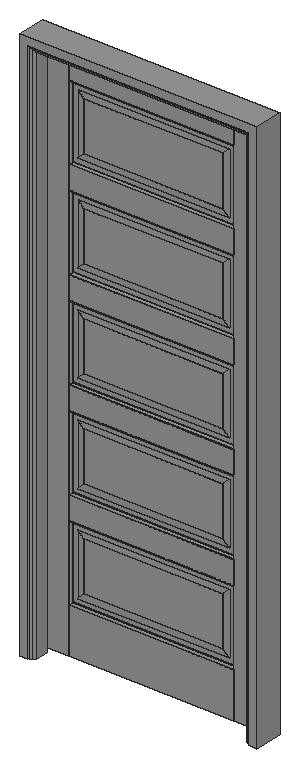
Revit family "I5P", category Doors, host Wall, Revit 2013
Parameters (values of type "I5P")
  Function = Interior
  Frame Projection Ext. = 25 mm
  Frame Projection Int. = 25 mm
  Frame Width = 75 mm
  Height = 2090 mm
  Wall Closure = By host
  Width = 889 mm
Reference planes
  plane 1: y = 0
  plane 2 "Center (Left/Right)": x = 0
  plane 3 "Left": x = -444.5
  plane 4 "Right": x = 444.5
  plane 5: z = 2090
  plane 6 "Exterior": y = 75
  plane 7 "Interior": y = -75
Forms (mm)
  Sweep 1, solid, material "Lauan, Meranti"
    path origin (0, 75, 0) x (1, 0, 0) y (0, 0, 1)
      loop
        line (444.5, 0) -> (444.5, 2090) -> (-444.5, 2090) -> (-444.5, 0)
    profile "Van Acht 105x50 Door Frame Routed Profile (Heavy) : Van Acht 105x50 Door Frame Routed Profile (Heavy)" origin (444.5, 75, 1045) x (-1, 0, 0) y (0, -1, 0)
      loop
        line (0, 22.5) -> (38, 22.5) -> (38, 67.5) -> (50, 67.5) -> (50, 112.5)
        arc (50, 112.5) -> (44.957, 114.29) -> (42.17, 118.859) r 8
        line (42.17, 118.859) -> (39, 118.859)
        arc (39, 118.859) -> (35.311, 122.973) -> (30, 124.5) r 10
        line (30, 124.5) -> (30, 127.5) -> (0, 127.5) -> (0, 22.5)
  Extrusion 2, solid, material "Lauan, Meranti"
    sketch origin (0, -85, 0) x (0, 1, 0) y (0, 0, 1)
      loop
        line (132.5, 20) -> (132.5, 191) -> (130.5, 191)
        arc (130.5, 191) -> (128.866, 195.67) -> (124.5, 198) r 6.807
        line (124.5, 198) -> (124.5, 200) -> (122.5, 200) -> (122.5, 185) -> (102.5, 185) -> (102.5, 200) -> (100.5, 200) -> (100.5, 198)
        arc (100.5, 198) -> (96.134, 195.67) -> (94.5, 191) r 6.807
        line (94.5, 191) -> (92.5, 191) -> (92.5, 20) -> (132.5, 20)
      loop
        line (132.5, 474.4) -> (132.5, 561.4) -> (130.5, 561.4)
        arc (130.5, 561.4) -> (128.866, 566.07) -> (124.5, 568.4) r 6.807
        line (124.5, 568.4) -> (124.5, 570.4) -> (122.5, 570.4) -> (122.5, 555.4) -> (102.5, 555.4) -> (102.5, 570.4) -> (100.5, 570.4) -> (100.5, 568.4)
        arc (100.5, 568.4) -> (96.134, 566.07) -> (94.5, 561.4) r 6.807
        line (94.5, 561.4) -> (92.5, 561.4) -> (92.5, 474.4) -> (94.5, 474.4)
        arc (94.5, 474.4) -> (96.134, 469.73) -> (100.5, 467.4) r 6.807
        line (100.5, 467.4) -> (100.5, 465.4) -> (102.5, 465.4) -> (102.5, 480.4) -> (122.5, 480.4) -> (122.5, 465.4) -> (124.5, 465.4) -> (124.5, 467.4)
        arc (124.5, 467.4) -> (128.866, 469.73) -> (130.5, 474.4) r 6.807
        line (130.5, 474.4) -> (132.5, 474.4)
      loop
        line (130.5, 1956) -> (132.5, 1956) -> (132.5, 2052) -> (92.5, 2052) -> (92.5, 1956) -> (94.5, 1956)
        arc (94.5, 1956) -> (96.134, 1951.33) -> (100.5, 1949) r 6.807
        line (100.5, 1949) -> (100.5, 1947) -> (102.5, 1947) -> (102.5, 1962) -> (122.5, 1962) -> (122.5, 1947) -> (124.5, 1947) -> (124.5, 1949)
        arc (124.5, 1949) -> (128.866, 1951.33) -> (130.5, 1956) r 6.807
      loop
        line (132.5, 844.8) -> (132.5, 931.8) -> (130.5, 931.8)
        arc (130.5, 931.8) -> (128.866, 936.47) -> (124.5, 938.8) r 6.807
        line (124.5, 938.8) -> (124.5, 940.8) -> (122.5, 940.8) -> (122.5, 925.8) -> (102.5, 925.8) -> (102.5, 940.8) -> (100.5, 940.8) -> (100.5, 938.8)
        arc (100.5, 938.8) -> (96.134, 936.47) -> (94.5, 931.8) r 6.807
        line (94.5, 931.8) -> (92.5, 931.8) -> (92.5, 844.8) -> (94.5, 844.8)
        arc (94.5, 844.8) -> (96.134, 840.13) -> (100.5, 837.8) r 6.807
        line (100.5, 837.8) -> (100.5, 835.8) -> (102.5, 835.8) -> (102.5, 850.8) -> (122.5, 850.8) -> (122.5, 835.8) -> (124.5, 835.8) -> (124.5, 837.8)
        arc (124.5, 837.8) -> (128.866, 840.13) -> (130.5, 844.8) r 6.807
        line (130.5, 844.8) -> (132.5, 844.8)
      loop
        line (132.5, 1215.2) -> (132.5, 1302.2) -> (130.5, 1302.2)
        arc (130.5, 1302.2) -> (128.866, 1306.87) -> (124.5, 1309.2) r 6.807
        line (124.5, 1309.2) -> (124.5, 1311.2) -> (122.5, 1311.2) -> (122.5, 1296.2) -> (102.5, 1296.2) -> (102.5, 1311.2) -> (100.5, 1311.2) -> (100.5, 1309.2)
        arc (100.5, 1309.2) -> (96.134, 1306.87) -> (94.5, 1302.2) r 6.807
        line (94.5, 1302.2) -> (92.5, 1302.2) -> (92.5, 1215.2) -> (94.5, 1215.2)
        arc (94.5, 1215.2) -> (96.134, 1210.53) -> (100.5, 1208.2) r 6.807
        line (100.5, 1208.2) -> (100.5, 1206.2) -> (102.5, 1206.2) -> (102.5, 1221.2) -> (122.5, 1221.2) -> (122.5, 1206.2) -> (124.5, 1206.2) -> (124.5, 1208.2)
        arc (124.5, 1208.2) -> (128.866, 1210.53) -> (130.5, 1215.2) r 6.807
        line (130.5, 1215.2) -> (132.5, 1215.2)
      loop
        line (132.5, 1585.6) -> (132.5, 1672.6) -> (130.5, 1672.6)
        arc (130.5, 1672.6) -> (128.866, 1677.27) -> (124.5, 1679.6) r 6.807
        line (124.5, 1679.6) -> (124.5, 1681.6) -> (122.5, 1681.6) -> (122.5, 1666.6) -> (102.5, 1666.6) -> (102.5, 1681.6) -> (100.5, 1681.6) -> (100.5, 1679.6)
        arc (100.5, 1679.6) -> (96.134, 1677.27) -> (94.5, 1672.6) r 6.807
        line (94.5, 1672.6) -> (92.5, 1672.6) -> (92.5, 1585.6) -> (94.5, 1585.6)
        arc (94.5, 1585.6) -> (96.134, 1580.93) -> (100.5, 1578.6) r 6.807
        line (100.5, 1578.6) -> (100.5, 1576.6) -> (102.5, 1576.6) -> (102.5, 1591.6) -> (122.5, 1591.6) -> (122.5, 1576.6) -> (124.5, 1576.6) -> (124.5, 1578.6)
        arc (124.5, 1578.6) -> (128.866, 1580.93) -> (130.5, 1585.6) r 6.807
        line (130.5, 1585.6) -> (132.5, 1585.6)
    from -310.5 to 310.5
  Extrusion 3, solid, material "Lauan, Meranti"
    sketch origin (0, 0, 0) x (1, 0, 0) y (0, 1, 0)
      loop
        line (-406.5, 47.5) -> (-406.5, 7.5) -> (-310.5, 7.5) -> (-310.5, 9.5)
        arc (-310.5, 9.5) -> (-305.765, 11.06) -> (-303.5, 15.5) r 6.549
        line (-303.5, 15.5) -> (-301.5, 15.5) -> (-301.5, 17.5) -> (-316.5, 17.5) -> (-316.5, 37.5) -> (-301.5, 37.5) -> (-301.5, 39.5) -> (-303.5, 39.5)
        arc (-303.5, 39.5) -> (-305.765, 43.94) -> (-310.5, 45.5) r 6.549
        line (-310.5, 45.5) -> (-310.5, 47.5) -> (-406.5, 47.5)
      loop
        line (406.5, 47.5) -> (310.5, 47.5) -> (310.5, 45.5)
        arc (310.5, 45.5) -> (305.765, 43.94) -> (303.5, 39.5) r 6.549
        line (303.5, 39.5) -> (301.5, 39.5) -> (301.5, 37.5) -> (316.5, 37.5) -> (316.5, 17.5) -> (301.5, 17.5) -> (301.5, 15.5) -> (303.5, 15.5)
        arc (303.5, 15.5) -> (305.765, 11.06) -> (310.5, 9.5) r 6.549
        line (310.5, 9.5) -> (310.5, 7.5) -> (406.5, 7.5) -> (406.5, 47.5)
    from 20 to 2052
  Sweep 4, solid, material "Lauan, Meranti"
    path origin (0, 75, 0) x (1, 0, 0) y (0, 0, 1)
      loop
        line (310.5, 474.4) -> (-310.5, 474.4) -> (-310.5, 191) -> (310.5, 191) -> (310.5, 474.4)
    profile origin (0, 75, 474.4) x (0, 0, -1) y (0, -1, 0)
      loop
        line (-4.5, 57.5) -> (-4.5, 37.5) -> (25.727, 37.5)
        arc (25.727, 37.5) -> (37.124, 37.25) -> (48.5, 36.5) r 259.807
        line (48.5, 36.5) -> (48.5, 58.5)
        arc (48.5, 58.5) -> (37.124, 57.75) -> (25.727, 57.5) r 259.807
        line (25.727, 57.5) -> (-4.5, 57.5)
  Extrusion 5, solid, material "Lauan, Meranti"
    sketch origin (0, 75, 0) x (1, 0, 0) y (0, 0, 1)
      loop
        line (262, 425.9) -> (-262, 425.9) -> (-262, 239.5) -> (262, 239.5) -> (262, 425.9)
    from 36.5 to 58.5
  Sweep 6, solid, material "Lauan, Meranti"
    path origin (0, 75, 370.4) x (1, 0, 0) y (0, 0, 1)
      loop
        line (310.5, 474.4) -> (-310.5, 474.4) -> (-310.5, 191) -> (310.5, 191) -> (310.5, 474.4)
    profile origin (0, 75, 844.8) x (0, 0, -1) y (0, -1, 0)
      loop
        line (-4.5, 57.5) -> (-4.5, 37.5) -> (25.727, 37.5)
        arc (25.727, 37.5) -> (37.124, 37.25) -> (48.5, 36.5) r 259.807
        line (48.5, 36.5) -> (48.5, 58.5)
        arc (48.5, 58.5) -> (37.124, 57.75) -> (25.727, 57.5) r 259.807
        line (25.727, 57.5) -> (-4.5, 57.5)
  Extrusion 7, solid, material "Lauan, Meranti"
    sketch origin (0, 75, 370.4) x (1, 0, 0) y (0, 0, 1)
      loop
        line (262, 425.9) -> (-262, 425.9) -> (-262, 239.5) -> (262, 239.5) -> (262, 425.9)
    from 36.5 to 58.5
  Sweep 8, solid, material "Lauan, Meranti"
    path origin (0, 75, 740.8) x (1, 0, 0) y (0, 0, 1)
      loop
        line (310.5, 474.4) -> (-310.5, 474.4) -> (-310.5, 191) -> (310.5, 191) -> (310.5, 474.4)
    profile origin (0, 75, 1215.2) x (0, 0, -1) y (0, -1, 0)
      loop
        line (-4.5, 57.5) -> (-4.5, 37.5) -> (25.727, 37.5)
        arc (25.727, 37.5) -> (37.124, 37.25) -> (48.5, 36.5) r 259.807
        line (48.5, 36.5) -> (48.5, 58.5)
        arc (48.5, 58.5) -> (37.124, 57.75) -> (25.727, 57.5) r 259.807
        line (25.727, 57.5) -> (-4.5, 57.5)
  Extrusion 9, solid, material "Lauan, Meranti"
    sketch origin (0, 75, 740.8) x (1, 0, 0) y (0, 0, 1)
      loop
        line (262, 425.9) -> (-262, 425.9) -> (-262, 239.5) -> (262, 239.5) -> (262, 425.9)
    from 36.5 to 58.5
  Sweep 10, solid, material "Lauan, Meranti"
    path origin (0, 75, 1111.2) x (1, 0, 0) y (0, 0, 1)
      loop
        line (310.5, 474.4) -> (-310.5, 474.4) -> (-310.5, 191) -> (310.5, 191) -> (310.5, 474.4)
    profile origin (0, 75, 1585.6) x (0, 0, -1) y (0, -1, 0)
      loop
        line (-4.5, 57.5) -> (-4.5, 37.5) -> (25.727, 37.5)
        arc (25.727, 37.5) -> (37.124, 37.25) -> (48.5, 36.5) r 259.807
        line (48.5, 36.5) -> (48.5, 58.5)
        arc (48.5, 58.5) -> (37.124, 57.75) -> (25.727, 57.5) r 259.807
        line (25.727, 57.5) -> (-4.5, 57.5)
  Extrusion 11, solid, material "Lauan, Meranti"
    sketch origin (0, 75, 1111.2) x (1, 0, 0) y (0, 0, 1)
      loop
        line (262, 425.9) -> (-262, 425.9) -> (-262, 239.5) -> (262, 239.5) -> (262, 425.9)
    from 36.5 to 58.5
  Sweep 12, solid, material "Lauan, Meranti"
    path origin (0, 75, 1481.6) x (1, 0, 0) y (0, 0, 1)
      loop
        line (310.5, 474.4) -> (-310.5, 474.4) -> (-310.5, 191) -> (310.5, 191) -> (310.5, 474.4)
    profile origin (0, 75, 1956) x (0, 0, -1) y (0, -1, 0)
      loop
        line (-4.5, 57.5) -> (-4.5, 37.5) -> (25.727, 37.5)
        arc (25.727, 37.5) -> (37.124, 37.25) -> (48.5, 36.5) r 259.807
        line (48.5, 36.5) -> (48.5, 58.5)
        arc (48.5, 58.5) -> (37.124, 57.75) -> (25.727, 57.5) r 259.807
        line (25.727, 57.5) -> (-4.5, 57.5)
  Extrusion 13, solid, material "Lauan, Meranti"
    sketch origin (0, 75, 1481.6) x (1, 0, 0) y (0, 0, 1)
      loop
        line (262, 425.9) -> (-262, 425.9) -> (-262, 239.5) -> (262, 239.5) -> (262, 425.9)
    from 36.5 to 58.5
Lines and regions (mm)
  Opening 1
    outline origin (-3050, -75, 0) x (1, 0, 0) y (0, 0, 1)
      loop
        line (2605.5, 0) -> (3494.5, 0) -> (3494.5, 2090) -> (2605.5, 2090) -> (2605.5, 0)
  symbolic lines, style "Elevation Swing"
    curve 1: line (444.5, -75, 1045) -> (-444.5, -75, 2090)
    curve 2: line (444.5, -75, 1045) -> (-444.5, -75, 0)
  model lines
    curve 3: line (406.5, 52.5, 0) -> (406.5, 865.5, 0)
    curve 4: arc (-406.5, 52.5, 0) -> (-168.378, 627.378, 0) -> (406.5, 865.5, 0) r 813
Text (mm)
  text "Exterior" at (-2295.016, 1099.543, 0), in view "Ref. Level"
  text "Exterior" at (0, 1615.38, 3698.081), in view "Left"
  text "Exterior" at (0, 1036.032, 3874.932), in view "Right"
Dimensions and locks
  equal spacing: plane 3 "Left", plane 2 "Center (Left/Right)", plane 4 "Right"
  "Width": plane 3 "Left" to plane 4 "Right"
  "Height": plane 5 to host wall
  equal spacing: host wall, curve 2, plane 5
  host wall to plane 5 = 2090 mm
  locked: plane 6 "Exterior" to host wall at 0
  locked: plane 7 "Interior" to host wall
  plane 3 "Left" to plane 4 "Right" = 889 mm
  Sweep 1 to Sweep 1 = 813 mm
  Extrusion 3 to Sweep 1 = 2032 mm
  aligned and locked: plane 3 "Left" to Opening 1 sketch curve
  aligned and locked: plane 5 to Opening 1 sketch curve  (x2)
  aligned and locked: Opening 1 sketch curve to plane 4 "Right"
  aligned and locked: Opening 1 sketch curve to level
  aligned and locked: plane 5 to curve 1
  aligned and locked: plane 3 "Left" to curve 2
  aligned and locked: plane 1 to host wall
  aligned and locked: plane 3 "Left" to curve 1
Automatic sketch dimensions
  plane 4 "Right" to curve 2 = 0 mm
  curve 2 to level = 0 mm
  plane 3 "Left" to Sweep 1 sketch curve = 0 mm
  plane 4 "Right" to Sweep 1 sketch curve = 0 mm
  Sweep 1 sketch curve to plane 5 = 0 mm
  Sweep 1 sketch curve to level = 0 mm  (x2)
  Extrusion 2 sketch curve to host wall = 7.5 mm  (x6)
  level to Extrusion 2 sketch curve = 20 mm
  Extrusion 2 sketch curve to Extrusion 2 sketch curve = 2 mm  (x52)
  Extrusion 2 sketch curve to Extrusion 2 sketch curve = 6 mm  (x30)
  Extrusion 2 sketch curve to Extrusion 2 sketch curve = 8 mm  (x4)
  Extrusion 2 sketch curve to Extrusion 2 sketch curve = 20 mm  (x10)
  Extrusion 2 sketch curve to Extrusion 2 sketch curve = 1.197 mm  (x20)
  Extrusion 2 sketch curve to Extrusion 2 sketch curve = 165 mm
  Extrusion 2 sketch curve to Extrusion 2 sketch curve = 7 mm  (x20)
  Extrusion 2 sketch curve to Extrusion 2 sketch curve = 265.4 mm  (x4)
  Extrusion 2 sketch curve to Extrusion 2 sketch curve = 0 mm  (x5)
  Extrusion 2 sketch curve to Extrusion 2 sketch curve = 6.241 mm  (x5)
  Extrusion 2 sketch curve to Extrusion 2 sketch curve = 75 mm  (x4)
  plane 5 to Extrusion 2 sketch curve = 143 mm
  plane 5 to Extrusion 2 sketch curve = 38 mm
  Extrusion 3 sketch curve to host wall = 7.5 mm  (x2)
  Extrusion 3 sketch curve to plane 3 "Left" = 38 mm
  Extrusion 3 sketch curve to host wall = 37.5 mm  (x2)
  Extrusion 3 sketch curve to Extrusion 3 sketch curve = 90 mm
  Extrusion 3 sketch curve to Extrusion 3 sketch curve = 6 mm  (x7)
  Extrusion 3 sketch curve to Extrusion 3 sketch curve = 7 mm  (x4)
  Extrusion 3 sketch curve to Extrusion 3 sketch curve = 2 mm  (x11)
  plane 4 "Right" to Extrusion 3 sketch curve = 143 mm
  Extrusion 3 sketch curve to Extrusion 3 sketch curve = 0 mm
  plane 4 "Right" to Extrusion 3 sketch curve = 38 mm
  Extrusion 3 sketch curve to Extrusion 3 sketch curve = 0.473 mm  (x2)
  Extrusion 3 sketch curve to Extrusion 3 sketch curve = 6.527 mm  (x2)
  Extrusion 3 sketch curve to Extrusion 3 sketch curve = 1.468 mm
  Sweep 4 sketch curve to plane 3 "Left" = 134 mm
  level to Sweep 4 sketch curve = 191 mm
  plane 4 "Right" to Sweep 4 sketch curve = 134 mm
  Sweep 4 sketch curve to Sweep 4 sketch curve = 283.4 mm
  profile plane to Sweep 4 sketch curve = 4.5 mm
  plane 6 "Exterior" to Sweep 4 sketch curve = 36.5 mm
  Sweep 4 sketch curve to profile plane = 25.727 mm
  Sweep 4 sketch curve to Sweep 4 sketch curve = 0 mm
  Sweep 4 sketch curve to Sweep 4 sketch curve = 22.773 mm
  plane 6 "Exterior" to Sweep 4 sketch curve = 37.5 mm
  Sweep 4 sketch curve to Sweep 4 sketch curve = 20 mm
  Sweep 4 sketch curve to Sweep 4 sketch curve = 22 mm
  Extrusion 5 sketch curve to plane 3 "Left" = 182.5 mm
  level to Extrusion 5 sketch curve = 239.5 mm
  plane 4 "Right" to Extrusion 5 sketch curve = 182.5 mm
  Extrusion 5 sketch curve to Extrusion 5 sketch curve = 186.4 mm
  plane 4 "Right" to curve 3 = 38 mm
  host wall to curve 3 = 790.5 mm
  curve 4 to host wall = 22.5 mm
  curve 3 to curve 4 = 0 mm
  Sweep 6 sketch curve to plane 3 "Left" = 134 mm
  plane 4 "Right" to Sweep 6 sketch curve = 134 mm
  level to Sweep 6 sketch curve = 561.4 mm
  Sweep 6 sketch curve to Sweep 6 sketch curve = 283.4 mm
  profile plane to Sweep 6 sketch curve = 4.5 mm
  plane 6 "Exterior" to Sweep 6 sketch curve = 36.5 mm
  Sweep 6 sketch curve to profile plane = 25.727 mm
  Sweep 6 sketch curve to Sweep 6 sketch curve = 0 mm
  Sweep 6 sketch curve to Sweep 6 sketch curve = 22.773 mm
  plane 6 "Exterior" to Sweep 6 sketch curve = 37.5 mm
  Sweep 6 sketch curve to Sweep 6 sketch curve = 20 mm
  Sweep 6 sketch curve to Sweep 6 sketch curve = 22 mm
  Extrusion 7 sketch curve to plane 3 "Left" = 182.5 mm
  plane 4 "Right" to Extrusion 7 sketch curve = 182.5 mm
  level to Extrusion 7 sketch curve = 609.9 mm
  Extrusion 7 sketch curve to Extrusion 7 sketch curve = 186.4 mm
  Sweep 8 sketch curve to plane 3 "Left" = 134 mm
  plane 4 "Right" to Sweep 8 sketch curve = 134 mm
  level to Sweep 8 sketch curve = 931.8 mm
  Sweep 8 sketch curve to Sweep 8 sketch curve = 283.4 mm
  profile plane to Sweep 8 sketch curve = 4.5 mm
  plane 6 "Exterior" to Sweep 8 sketch curve = 36.5 mm
  Sweep 8 sketch curve to profile plane = 25.727 mm
  Sweep 8 sketch curve to Sweep 8 sketch curve = 0 mm
  Sweep 8 sketch curve to Sweep 8 sketch curve = 22.773 mm
  plane 6 "Exterior" to Sweep 8 sketch curve = 37.5 mm
  Sweep 8 sketch curve to Sweep 8 sketch curve = 20 mm
  Sweep 8 sketch curve to Sweep 8 sketch curve = 22 mm
  Extrusion 9 sketch curve to plane 3 "Left" = 182.5 mm
  plane 4 "Right" to Extrusion 9 sketch curve = 182.5 mm
  level to Extrusion 9 sketch curve = 980.3 mm
  Extrusion 9 sketch curve to Extrusion 9 sketch curve = 186.4 mm
  Sweep 10 sketch curve to plane 3 "Left" = 134 mm
  plane 4 "Right" to Sweep 10 sketch curve = 134 mm
  plane 5 to Sweep 10 sketch curve = 787.8 mm
  Sweep 10 sketch curve to Sweep 10 sketch curve = 283.4 mm
  profile plane to Sweep 10 sketch curve = 4.5 mm
  plane 6 "Exterior" to Sweep 10 sketch curve = 36.5 mm
  Sweep 10 sketch curve to profile plane = 25.727 mm
  Sweep 10 sketch curve to Sweep 10 sketch curve = 0 mm
  Sweep 10 sketch curve to Sweep 10 sketch curve = 22.773 mm
  plane 6 "Exterior" to Sweep 10 sketch curve = 37.5 mm
  Sweep 10 sketch curve to Sweep 10 sketch curve = 20 mm
  Sweep 10 sketch curve to Sweep 10 sketch curve = 22 mm
  Extrusion 11 sketch curve to plane 3 "Left" = 182.5 mm
  plane 4 "Right" to Extrusion 11 sketch curve = 182.5 mm
  plane 5 to Extrusion 11 sketch curve = 739.3 mm
  Extrusion 11 sketch curve to Extrusion 11 sketch curve = 186.4 mm
  Sweep 12 sketch curve to plane 3 "Left" = 134 mm
  plane 4 "Right" to Sweep 12 sketch curve = 134 mm
  plane 5 to Sweep 12 sketch curve = 417.4 mm
  plane 5 to Sweep 12 sketch curve = 134 mm
  profile plane to Sweep 12 sketch curve = 4.5 mm
  plane 6 "Exterior" to Sweep 12 sketch curve = 36.5 mm
  Sweep 12 sketch curve to profile plane = 25.727 mm
  Sweep 12 sketch curve to Sweep 12 sketch curve = 0 mm
  Sweep 12 sketch curve to Sweep 12 sketch curve = 22.773 mm
  plane 6 "Exterior" to Sweep 12 sketch curve = 37.5 mm
  Sweep 12 sketch curve to Sweep 12 sketch curve = 20 mm
  Sweep 12 sketch curve to Sweep 12 sketch curve = 22 mm
  Extrusion 13 sketch curve to plane 3 "Left" = 182.5 mm
  plane 4 "Right" to Extrusion 13 sketch curve = 182.5 mm
  plane 5 to Extrusion 13 sketch curve = 368.9 mm
  plane 5 to Extrusion 13 sketch curve = 182.5 mm
